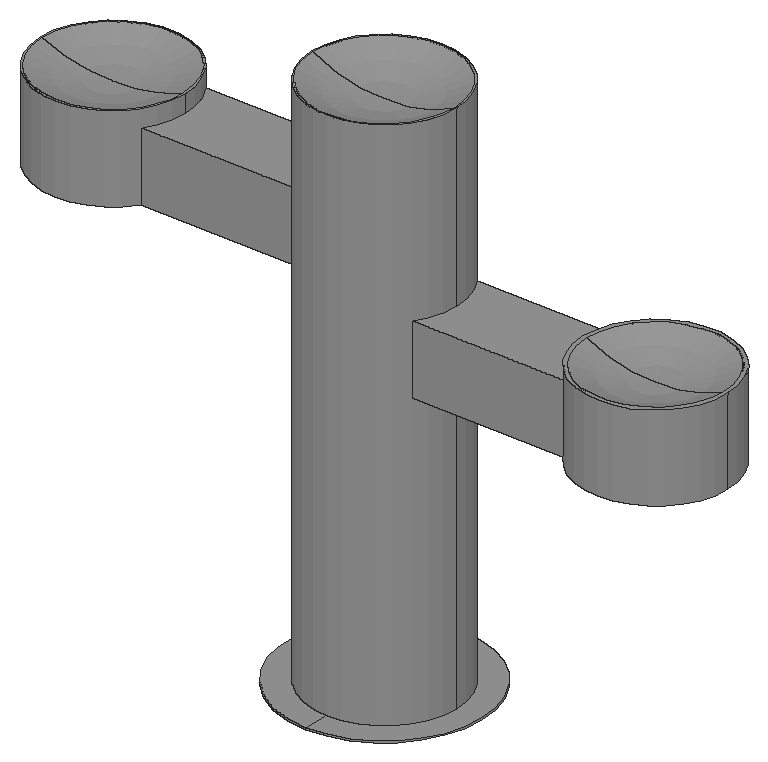
Revit family "Outdoor_Drinking_Fountain-Willoughby-WODF-3-HC-CHD", category Plumbing Fixtures, host Face, Revit 2014
Parameters (values of type "Standard")
  Waste DIA = 1 1/4"
  Waste Connection = yes
  Vent Connection = no
  URL = "www.willoughby-ind"
  Revision = "A"
  Model = "WODF-3-HC-CHD"
  Manufacturer = "Willoughby Industries"
  LAV CW DIA = 3/8"
  HW Connection = no
  Fixture Body = Stainless Steel AISI 304-Willoughby
  Description = "3 station Outdoor Drinking Fountain"
  Default Elevation = 0' - 0"
  Contact = "800.428.4065"
  CW Connection = yes
Reference planes (in)
  plane 1 "Center (Front/Back)": y = 0
  plane 2: z = 0
  plane 3 "Center (Left/Right)": x = 0
  plane 4: y = 5.37342
  plane 5: y = -5.39301
  plane 6 "Bottom Of Opening": z = 36.5
  plane 7 "Top of Fountain": z = 40
  plane 8: z = 12
  plane 9: y = 6.5
  plane 10: y = -6.5
  plane 11 "Bottom Of Fountaain": z = 21.75
  plane 12 "Top Of Fountain": z = 28.125
  plane 13: z = 26.871
  plane 14: z = 27.5
  plane 15: x = -25.5
  plane 16: x = 25.5
  plane 17: x = 21.64888
Forms (in)
  Extrusion 1, solid, material "Stainless Steel AISI 304-Willoughby" <- "Fixture Body"
    sketch origin (0, 0, 0) x (1, 0, 0) y (0, 1, 0)
      loop
        circle (0, 0) r 5.375
    from 0 to 40
  Revolve 2, solid, material "Stainless Steel AISI 304-Willoughby" <- "Fixture Body"
    sketch origin (0, 0, 0) x (0, 1, 0) y (0, 0, 1)
      loop
        line (0, 0) -> (0, 0.121) -> (-7.25, 0.121) -> (-7.25, 0) -> (0, 0)
      axis (0, 0.121) -> (0, 0)
    angle from 0 to 360
  Revolve 3, solid, material "Stainless Steel AISI 304-Willoughby" <- "Fixture Body", detail levels medium+fine
    sketch origin (0, 0, 0) x (0, 1, 0) y (0, 0, 1)
      loop
        line (0, 12) -> (0, 15) -> (-0.625, 15) -> (-0.625, 12) -> (0, 12)
      axis (0, 15) -> (0, 12)
    angle from 0 to 360
  Revolve 4, solid, material "Stainless Steel AISI 304-Willoughby" <- "Fixture Body", detail levels medium+fine
    sketch origin (0, 0, 0) x (0, 1, 0) y (0, 0, 1)
      loop
        line (1.5, 12) -> (1.6875, 12) -> (1.6875, 15) -> (1.5, 15) -> (1.5, 12)
      axis (1.5, 12) -> (1.5, 15)
    angle from 0 to 360
  Extrusion 5, solid, material "Stainless Steel AISI 304-Willoughby" <- "Fixture Body"
    sketch origin (0.22612, 0, 5.75) x (1, 0, 0) y (0, 0, 1)
      loop
        line (-16.22612, 21.75) -> (-2.80836, 21.75) -> (-2.80836, 26.871) -> (-16.22612, 26.871) -> (-16.22612, 21.75)
    from 3 to -3
  Extrusion 6, solid, material "Stainless Steel AISI 304-Willoughby" <- "Fixture Body"
    sketch origin (-1.52388, 0, 21.75) x (1, 0, 0) y (0, 1, 0)
      loop
        circle (21.64888, 0) r 5.375
    from 0 to 6.375
  Revolve 7, void
    sketch origin (-1.75, 0, 0) x (-1, 0, 0) y (0, 0, 1)
      loop
        line (-21.875, 28.246) -> (-27.18464, 28.246)
        arc (-27.18464, 28.246) -> (-24.61943, 27.24035) -> (-21.875, 26.996) r 9.7066
        line (-21.875, 26.996) -> (-21.875, 28.246)
      axis (-21.875, 28.246) -> (-21.875, 26.996)
    angle from 0 to 360
  Extrusion 8, solid, material "Stainless Steel AISI 304-Willoughby" <- "Fixture Body"
    sketch origin (-1.75, 0, 21.75) x (1, 0, 0) y (0, 1, 0)
      loop
        circle (21.875, 0) r 5.375
    from 0 to 6.375
  Extrusion 9, solid, material "Stainless Steel AISI 304-Willoughby" <- "Fixture Body"
    sketch origin (-0.22612, 0, 0) x (-1, 0, 0) y (0, 0, -1)
      loop
        line (-16.97612, -21.75) -> (-16.97612, -26.871) -> (-2.80836, -26.871) -> (-2.80836, -21.75) -> (-16.97612, -21.75)
    from 3 to -3
  Revolve 10, void
    sketch origin (-37.42837, 0, 5.629) x (-1, 0, 0) y (0, 0, 1)
      loop
        line (-17.30337, 28.246) -> (-22.55337, 28.246)
        arc (-22.55337, 28.246) -> (-19.98688, 27.43882) -> (-17.30337, 27.246) r 11.57386
        line (-17.30337, 27.246) -> (-17.30337, 28.246)
      axis (-17.30337, 28.246) -> (-17.30337, 27.246)
    angle from 0 to 360
  Extrusion 11, solid, material "Stainless Steel AISI 304-Willoughby" <- "Fixture Body"
    sketch origin (-54.09705, -180, 27.5) x (-1, 0, 0) y (0, -1, 0)
      loop
        circle (-33.97205, -180) r 5.375
    from 0 to 6.375
  Revolve 12, void
    sketch origin (-21.875, 0, 11.77298) x (-1, 0, 0) y (0, 0, 1)
      loop
        line (-21.875, 28.246) -> (-27.18464, 28.246)
        arc (-27.18464, 28.246) -> (-24.61943, 27.24035) -> (-21.875, 26.996) r 9.7066
        line (-21.875, 26.996) -> (-21.875, 28.246)
      axis (-21.875, 28.246) -> (-21.875, 26.996)
    angle from 0 to 360
Cuts and joins
  Revolve 7, Revolve 12 cuts Extrusion 6
  Revolve 7, Revolve 12 cuts Extrusion 8
  Revolve 10 cuts Extrusion 11
  Revolve 12 cuts Extrusion 1
Lines and regions (in)
  symbolic lines
    curve 1: circle (0, 0, 36.5) r 7.25 normal (0, 0, 1)
    curve 4: line (-7.25, 0, 0) -> (7.25, 0, 0)
    curve 5: line (7.25, 0, 0) -> (7.25, 0, 0.121)
    curve 6: line (7.25, 0, 0.121) -> (-7.25, 0, 0.121)
    curve 7: line (-5.375, 0, 0.121) -> (-5.375, 0, 40)
    curve 8: line (5.375, 0, 40) -> (5.375, 0, 0.121)
    curve 9: line (0, -7.25, 0) -> (0, 7.25, 0)
    curve 10: line (0, 7.25, 0) -> (0, 7.25, 0.121)
    curve 11: line (0, 7.25, 0.121) -> (0, -7.25, 0.121)
    curve 12: line (0, -7.25, 0.121) -> (0, -7.25, 0)
    curve 13: line (0, -5.39301, 40) -> (0, -5.39301, 0.121)
    curve 14: line (-4.60977, 3, 21.75) -> (-16, 3, 21.75)
    curve 15: line (-4.60977, -3, 21.75) -> (-16, -3, 21.75)
    curve 16: line (-15.68786, 0, 32.621) -> (-4.43786, 0, 32.621)
    curve 17: line (-4.43786, 0, 32.621) -> (-4.43786, 0, 27.5)
    curve 20: line (-15.68786, 0, 32.621) -> (-4.43786, 0, 32.621)
    curve 21: line (15.70824, 0, 26.871) -> (4.45824, 0, 26.871)
    curve 22: line (4.45824, 0, 26.871) -> (4.45824, 0, 21.75667)
    curve 23: line (15.70824, 0, 21.75667) -> (15.70824, 0, 26.871)
    curve 24: line (25.45824, 0, 28.125) -> (14.75, 0, 28.125)
    curve 25: line (14.75, 0, 28.125) -> (14.75, 0, 26.871)
    curve 26: line (15.70824, 0, 26.871) -> (4.45824, 0, 26.871)
    curve 27: line (-4.43786, 0, 27.5) -> (-25.5, 0, 27.5)
    curve 28: line (-25.5, 0, 27.5) -> (-25.5, 0, 33.875)
    curve 29: line (-25.5, 0, 33.875) -> (-14.75, 0, 33.875)
    curve 30: line (-14.75, 0, 33.875) -> (-14.75, 0, 32.621)
    curve 31: arc (14.75, 0, 21.75) -> (20.125, 5.375, 21.75) -> (25.5, 0, 21.75) r 5.375
    curve 32: arc (25.5, 0, 21.75) -> (20.125, -5.375, 21.75) -> (14.75, 0, 21.75) r 5.375
    curve 33: arc (-25.5, 0, 21.75) -> (-20.125, 5.375, 21.75) -> (-14.75, 0, 21.75) r 5.375
    curve 34: arc (-14.75, 0, 21.75) -> (-20.125, -5.375, 21.75) -> (-25.5, 0, 21.75) r 5.375
    curve 35: arc (-5.5, 0, 21.75) -> (0, -5.5, 21.75) -> (5.5, 0, 21.75) r 5.5
    curve 36: arc (5.5, 0, 21.75) -> (0, 5.5, 21.75) -> (-5.5, 0, 21.75) r 5.5
    curve 37: line (-15.68786, 0, 32.621) -> (-15.68786, 0, 27.5)
    curve 38: line (-7.25, 0, 0.121) -> (-7.25, 0, 0)
    curve 39: line (4.45824, 0, 21.75667) -> (25.45824, 0, 21.75667)
    curve 40: line (25.45824, 0, 21.75667) -> (25.45824, 0, 28.125)
    curve 41: line (4.60977, 3, 21.75) -> (15.66511, 3, 21.75)
    curve 42: line (15.66511, -3, 21.75) -> (4.60977, -3, 21.75)
    curve 43: line (4.60977, -3, 21.75) -> (15.66511, -3, 21.75)
    curve 44: line (5.375, 0, 40) -> (-5.375, 0, 40)
    curve 45: line (0, 5.37342, 0.121) -> (0, 5.37342, 40)
    curve 46: line (0, 5.37342, 40) -> (0, -5.39301, 40)
  symbolic lines, detail levels medium+fine
    curve 2: circle (0, 0, 36.5) r 5.375 normal (0, 0, 1)
    curve 18: line (0, 5.37342, 28.246) -> (0, -5.39301, 28.246)
    curve 19: line (0, -5.39301, 21.871) -> (0, 5.37342, 21.871)
  symbolic lines, detail levels fine
    curve 3: circle (0, 0, 36.5) r 5.375 normal (0, 0, 1)
Dimensions and locks (in)
  plane 6 "Bottom Of Opening" to level = 3' - 0 1/2"
  plane 9 to plane 10 = 1' - 1"
  plane 4 to plane 5 = 0' - 10.76643"
  plane 11 "Bottom Of Fountaain" to level = 1' - 9 3/4"
  plane 12 "Top Of Fountain" to level = 2' - 4 1/8"
  plane 14 to level = 2' - 3 1/2"
  plane 14 to host face = 2' - 3 1/2"
  plane 11 "Bottom Of Fountaain" to host face = 1' - 9 3/4"  (x2)
  plane 3 "Center (Left/Right)" to curve 31 = 1' - 8 1/8"
  plane 15 to plane 16 = 4' - 3"  (x2)
  plane 15 to plane 3 "Center (Left/Right)" to plane 16 = 2' - 1 1/2", 2' - 1 1/2"
  cut or joined group of Revolve 10, Extrusion 11 to host face = 2' - 9 7/8"
  level to plane 7 "Top of Fountain" = 3' - 4"
  aligned and locked: plane 2 to host face
  aligned and locked: level to host face
  aligned and locked: plane 7 "Top of Fountain" to Extrusion 1
  aligned and locked: plane 5 to curve 13
Connectors (in)
  piping at (0, 0, 12), diameter 0.375, driven by "Waste Connection", driven by "LAV CW DIA"
    settings: on Revolve 3, index 1, connector inside diameter 24", connector length 0' - 0", flow factor 0, pipe flow 0 GPM, pressure drop 0.00 psi, fitting loss kfactor 0, connector angle 0.00°, fixture units 0, engagement length 0' - 0", angle of deflection 0.00°, flow configuration 0, flow direction 2, fitting loss method 0, system type 16, joint type 0, gender type 0, connector reference index -1, connector utility 1, adjustable connector no, is connector primary yes, connector description "Drain Waste"
  piping at (0, 1.5, 12), diameter 0.375, driven by "CW Connection"
    settings: on Revolve 4, index 2, connector inside diameter 24", connector length 0' - 0", flow factor 0, pipe flow 0 GPM, pressure drop 0.00 psi, fitting loss kfactor 0, connector angle 0.00°, fixture units 0, engagement length 0' - 0", angle of deflection 0.00°, flow configuration 0, flow direction 1, fitting loss method 0, system type 20, joint type 0, gender type 0, connector reference index -1, connector utility 1, adjustable connector no, is connector primary no, connector description "CW Inlet"
